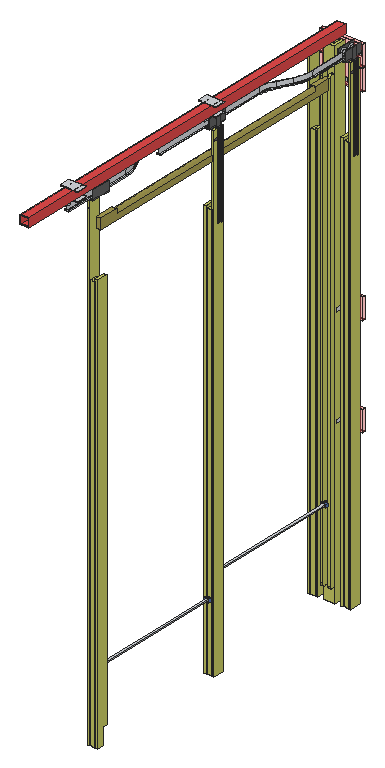
Revit family "Bomsystem2 sammansatt ", category Generic Models, Revit 2017
Family settings
  Can host rebar = No
  Round Connector Dimension = Use Diameter
  Part Type = Normal
  Work Plane-Based = No
  Always vertical = Yes
  Cut with Voids When Loaded = No
  Shared = No
  Room Calculation Point = No
Parameters (values of type "Saxi Bomsystem 3 H")
  to_middle_support = Height / 2  # 3500 mm
  V = no
  URL = "www.saxi.se"
  Model = "Saxi Bomsystem 1"
  Manufacturer = "Saxi Vägg AB"
  Height_stolpe2 = Height - 1200 mm  # 5800 mm
  Height_stolpe = Height - 60 mm  # 6940 mm
  Height = 7000 mm
  H = yes
  2 = no
Types (5, lengths in mm): name | V | H | 2
  (no name) | no | yes | no
  Saxi Bomsystem 3 V | yes | no | no
  Saxi Bomsystem 3 H | no | yes | no
  Saxi Bomsystem 4 V | yes | no | yes
  Saxi Bomsystem 4 H | no | yes | yes
Reference planes
  plane 1 "Center (Front/Back)": y = 0
  plane 2: z = 0
  plane 3 "Center (Left/Right)": x = 0
Dimensions and locks
  nested 4 to plane 1 "Center (Front/Back)" = 40 mm
  nested 2 to plane 1 "Center (Front/Back)" = 2175 mm
  nested 2 to nested 3 = 2400 mm
  nested 5 to nested 4 = 4276 mm
  locked: nested 7 to nested 1 at 600
  locked: nested 10 to nested 1 at 900
  locked: nested 11 to nested 1 at 167.083
  locked: nested 12 to nested 1 at 167.083
  locked: nested 13 to nested 1 at 167.083
  locked: nested 14 to nested 1 at 167.083
  locked: nested 15 to nested 1 at 135.037
  locked: level to nested 19 at 2100
  "to_middle_support": level to nested 20
  nested 21 to plane 1 "Center (Front/Back)" = 20.75 mm
  locked: nested 20 to nested 22 at 127.5
  locked: nested 23 to nested 1 at 135
  locked: nested 24 to nested 1 at 135
  locked: nested 1 to nested 25 at 135
  locked: nested 26 to nested 1 at 135
  locked: nested 29 to nested 1 at 167
  locked: nested 30 to nested 1 at 167
  aligned and locked: level to plane 2
  aligned and locked: nested 3 to nested 1
  aligned and locked: nested 2 to nested 1
  aligned and locked: nested 16 to nested 15
  aligned and locked: nested 17 to nested 4
  aligned and locked: nested 18 to nested 17
Nested families
  nested 1: "takbalk" at (-60, 0, 7000), built-in parameter 1001364 <- "Height", type "takbalk"
    with beam_length 5500 mm
  nested 2: "takskena_klam" at (0, -2125, 6925), type "takskena_klam"
  nested 3: "takskena_klam" at (0, -4525, 6925), type "takskena_klam"
  nested 4: "vagg_stolpe" at (0, -40, 0), type "vagg_stolpe"
    with height_stolpe1 6940 mm
  nested 5: "utkor_stolpe" at (0, -4316, 0) x (-1, 0, 0) z (0, 0, 1), visible <- "H", type "utkor_stolpe"
    with height_stolpe1 5800 mm
  nested 6: "utkor_stolpe" at (-226.031, -210, 0) x (-1, 0, 0) z (0, 0, 1), type "utkor_stolpe"
    with height_stolpe1 5800 mm
  nested 7: "bom" at (0, -217.5, 6400), type "bom"
  nested 8: "utkor_stolpe" at (226.031, -195, 0), type "utkor_stolpe"
    with height_stolpe1 5800 mm
  nested 9: "utkor_stolpe" at (0, -4316, 0), visible <- "V", type "utkor_stolpe"
    with height_stolpe1 5800 mm
  nested 10: "bom" at (0, -217.5, 6100), visible <- "2", type "bom"
  nested 11: "vagn_sammansatt" at (0, -4244.666, 6902.5), visible <- "H", type "vagn_sammansatt"
  nested 12: "vagn_sammansatt" at (-226.333, -137.387, 6902.5), visible <- "V", type "vagn_sammansatt"
  nested 13: "vagn_sammansatt" at (226.333, -137.387, 6902.5) x (-1, 0, 0) z (0, 0, 1), visible <- "H", type "vagn_sammansatt"
  nested 14: "vagn_sammansatt" at (0, -4244.666, 6902.5) x (-1, 0, 0) z (0, 0, 1), visible <- "V", type "vagn_sammansatt"
  nested 15: "takskena_inf" at (-294.138, 0, 6804.963), visible <- "V", type "takskena_inf"
  nested 16: "takskena_inf" at (294.138, 0, 6804.963) x (-1, 0, 0) z (0, 0, 1), visible <- "H", type "takskena_inf"
  nested 17: "vagg_inf_BE" at (0, 50, 6640), type "vagg_inf_BE"
  nested 18: "vagg_inf_BE" at (0, 50, 6340), type "vagg_inf_BE"
  nested 19: "vagg_inf_BE" at (0, 50, 2100), type "vagg_inf_BE"
  nested 20: "vagg_inf_BE" at (0, 50, 3500), type "vagg_inf_BE"
  nested 21: "skruvinf_vagg" at (83.125, -181.75, 2237.5) x (0, -1, 0) z (0, 0, 1), type "skruvinf_vagg"
  nested 22: "skruvinf_vagg" at (83.125, -181.75, 3627.5) x (0, -1, 0) z (0, 0, 1), type "skruvinf_vagg"
  nested 23: "takskena lang" at (-226.25, 0, 6865), visible <- "H", type "takskena lang"
  nested 24: "takskena - kort" at (-226.25, -280, 6865), visible <- "V", type "takskena - kort"
  nested 25: "takskena - kort" at (226.25, -280, 6865) x (-1, 0, 0) z (0, 0, 1), visible <- "H", type "takskena - kort"
  nested 26: "takskena lang" at (226.25, 0, 6865) x (-1, 0, 0) z (0, 0, 1), visible <- "V", type "takskena lang"
  nested 27: "utkor_stolpe" at (0, -2293, 0), visible <- "H", type "utkor_stolpe"
    with height_stolpe1 5800 mm
  nested 28: "utkor_stolpe" at (-8, -2293, 0) x (-1, 0, 0) z (0, 0, 1), visible <- "V", type "utkor_stolpe"
    with height_stolpe1 5800 mm
  nested 29: "vagn_sammansatt" at (0, -2220.114, 6902.583) x (-1, 0, 0) z (0, 0, 1), visible <- "H", type "vagn_sammansatt"
  nested 30: "vagn_sammansatt" at (-8.125, -2220.114, 6902.583), visible <- "V", type "vagn_sammansatt"
  nested 31: "stålräck" at (0, -1205, 1239.216), type "stålräck"
  nested 32: "stålräck" at (0, -3229.592, 950.612), type "stålräck"
Definition of nested family "takbalk"
  Parameters (values of type "takbalk")
    beam_length = 4000 mm
  Reference planes
    plane 1 "Center (Front/Back)": y = 0
    plane 2: z = 0
    plane 3 "Center (Left/Right)": x = 0
  Forms (mm)
    Extrusion 1, solid
      sketch origin (0, 0, 0) x (1, 0, 0) y (0, 0, 1)
        loop
          line (0, 0) -> (120, 0) -> (120, 120) -> (0, 120) -> (0, 0)
        loop
          line (4, 116) -> (4, 4) -> (116, 4) -> (116, 116) -> (4, 116)
      from 0 to 4000 <- "beam_length"
  Dimensions and locks
    aligned and locked: level to plane 2
Definition of nested family "takskena_klam"
  Reference planes
    plane 1 "Center (Front/Back)": y = 0
    plane 2: z = 0
    plane 3 "Center (Left/Right)": x = 0
    plane 4 "ovan": z = 195
  Forms (mm)
    Extrusion 1, solid
      sketch origin (0, 0, 0) x (1, 0, 0) y (0, 0, 1)
        loop
          line (-25, 70) -> (-25, 60) -> (25, 60) -> (25, 70) -> (-25, 70)
      from 0 to 250
    Extrusion 2, solid
      sketch origin (-21.321, 0, 70) x (1, 0, 0) y (0, 1, 0)
        loop
          arc (-91.679, -50) -> (-98.75, -52.929) -> (-101.679, -60) r 10
          line (-101.679, -60) -> (-101.679, -190)
          arc (-101.679, -190) -> (-98.75, -197.071) -> (-91.679, -200) r 10
          line (-91.679, -200) -> (134.321, -200)
          arc (134.321, -200) -> (141.392, -197.071) -> (144.321, -190) r 10
          line (144.321, -190) -> (144.321, -60)
          arc (144.321, -60) -> (141.392, -52.929) -> (134.321, -50) r 10
          line (134.321, -50) -> (-91.679, -50)
      from 0 to 5
    Extrusion 3, solid
      sketch origin (0, 0, 195) x (-1, 0, 0) y (0, -1, 0)
        loop
          line (-113, 50) -> (113, 50)
          arc (113, 50) -> (120.071, 52.929) -> (123, 60) r 10
          line (123, 60) -> (123, 190)
          arc (123, 190) -> (120.071, 197.071) -> (113, 200) r 10
          line (113, 200) -> (-113, 200)
          arc (-113, 200) -> (-120.071, 197.071) -> (-123, 190) r 10
          line (-123, 190) -> (-123, 60)
          arc (-123, 60) -> (-120.071, 52.929) -> (-113, 50) r 10
      from 0 to 5
    Extrusion 4, solid
      sketch origin (0, 0, 0) x (0, 1, 0) y (0, 0, 1)
        loop
          line (0, 60) -> (-50, 60) -> (-50, 0) -> (0, 0) -> (0, 60)
        loop
          line (-250, 60) -> (-250, 0) -> (-200, 0) -> (-200, 60) -> (-250, 60)
      from -5 to 5
  Dimensions and locks
    Extrusion 1 sketch curve to plane 3 "Center (Left/Right)" = 25 mm
    plane 3 "Center (Left/Right)" to Extrusion 1 sketch curve = 25 mm
    Extrusion 1 sketch curve to Extrusion 1 sketch curve = 10 mm
    locked: Extrusion 1 sketch curve to level at 70
    plane 3 "Center (Left/Right)" to Extrusion 2 sketch curve = 123 mm
    Extrusion 2 sketch curve to plane 3 "Center (Left/Right)" = 123 mm
    locked: Extrusion 2 sketch curve to Extrusion 2 sketch curve at 150
    Extrusion 2 sketch curve to plane 1 "Center (Front/Back)" = 50 mm
    Extrusion 1 to Extrusion 2 sketch curve = 50 mm
    plane 4 "ovan" to Extrusion 2 = 120 mm
    aligned and locked: level to plane 2
Definition of nested family "vagg_stolpe"
  Parameters (values of type "vagg_stolpe")
    height_stolpe1 = 8000 mm
  Reference planes
    plane 1 "Center (Front/Back)": y = 0
    plane 2: z = 0
    plane 3 "Center (Left/Right)": x = 0
    plane 4: z = 8000
    plane 5 "a": x = -37.5
  Forms (mm)
    Extrusion 1, solid
      sketch origin (0, 0, 0) x (1, 0, 0) y (0, 1, 0)
        loop
          line (-77.5, 0) -> (-77.5, -160) -> (77.5, -160) -> (77.5, 0) -> (-77.5, 0)
        loop
          line (-45.5, -128) -> (45.5, -128) -> (45.5, -32) -> (-45.5, -32) -> (-45.5, -128)
      from 0 to 8000
    Extrusion 2, solid
      sketch origin (-37.5, 0, 0) x (0, 1, 0) y (0, 0, 1)
        loop
          line (-160, 200) -> (-160, 7650) -> (-195, 7650)
          arc (-195, 7650) -> (-219.749, 7639.749) -> (-230, 7615) r 35
          line (-230, 7615) -> (-230, 235)
          arc (-230, 235) -> (-219.749, 210.251) -> (-195, 200) r 35
          line (-195, 200) -> (-160, 200)
      from -32 to 0
    Extrusion 3, solid
      sketch origin (37.5, 0, 0) x (0, 1, 0) y (0, 0, -1)
        loop
          line (-160, -200) -> (-195, -200)
          arc (-195, -200) -> (-219.749, -210.251) -> (-230, -235) r 35
          line (-230, -235) -> (-230, -7615)
          arc (-230, -7615) -> (-219.749, -7639.749) -> (-195, -7650) r 35
          line (-195, -7650) -> (-160, -7650) -> (-160, -200)
      from -32 to 0
  Dimensions and locks
    plane 3 "Center (Left/Right)" to Extrusion 1 sketch curve = 77.5 mm
    Extrusion 1 sketch curve to plane 3 "Center (Left/Right)" = 77.5 mm
    locked: Extrusion 1 sketch curve to Extrusion 1 sketch curve at 160
    "height_stolpe1": plane 4 to level
    plane 5 "a" to plane 3 "Center (Left/Right)" = 37.5 mm
    level to Extrusion 2 sketch curve = 200 mm
    locked: plane 4 to Extrusion 2 sketch curve at 350
    aligned and locked: level to plane 2
    aligned and locked: plane 4 to Extrusion 1
  Automatic sketch dimensions
    plane 1 "Center (Front/Back)" to Extrusion 1 sketch curve = 0 mm
    Extrusion 1 sketch curve to plane 5 "a" = 8 mm
    Extrusion 1 sketch curve to Extrusion 1 sketch curve = 32 mm  (x2)
    plane 1 "Center (Front/Back)" to Extrusion 1 sketch curve = 32 mm
    plane 1 "Center (Front/Back)" to Extrusion 2 sketch curve = 230 mm
    Extrusion 2 sketch curve to Extrusion 2 sketch curve = 35 mm  (x3)
    plane 1 "Center (Front/Back)" to Extrusion 3 sketch curve = 230 mm
    Extrusion 3 sketch curve to Extrusion 3 sketch curve = 35 mm  (x3)
    Extrusion 3 sketch curve to plane 4 = 350 mm
    level to Extrusion 3 sketch curve = 235 mm
Definition of nested family "utkor_stolpe"
  Parameters (values of type "utkor_stolpe")
    height_stolpe1 = 8000 mm
  Reference planes
    plane 1 "Center (Front/Back)": y = 0
    plane 2: z = 0
    plane 3 "Center (Left/Right)": x = 0
    plane 4: z = 8000
    plane 5 "a": x = -37.5
  Forms (mm)
    Extrusion 1, solid
      sketch origin (0, 0, 0) x (1, 0, 0) y (0, 1, 0)
        loop
          line (-37.5, 0) -> (-37.5, -85) -> (37.5, -85) -> (37.5, 0) -> (-37.5, 0)
      from 0 to 8000
    Extrusion 2, solid
      sketch origin (-37.5, 0, 0) x (0, 1, 0) y (0, 0, 1)
        loop
          line (0, 0) -> (0, 8030) -> (-155, 8030) -> (-155, 0) -> (0, 0)
      from -32 to 0
    Extrusion 3, void
      sketch origin (0, 0, 0) x (0, 1, 0) y (0, 0, 1)
        loop
          line (-203.085, 0) -> (-85, 0) -> (-85, 230) -> (-203.085, 230) -> (-203.085, 0)
      from -100 to 100
    Extrusion 4, solid
      sketch origin (37.5, 0, 0) x (0, -1, 0) y (0, 0, -1)
        loop
          line (0, 0) -> (0, -9000) -> (155, -9000) -> (155, 0) -> (0, 0)
      from 0 to 32
  Cuts and joins
    Extrusion 3 cuts Extrusion 1
    Extrusion 3 cuts Extrusion 2
  Dimensions and locks
    "height_stolpe1": plane 4 to level
    plane 5 "a" to plane 3 "Center (Left/Right)" = 37.5 mm
    plane 3 "Center (Left/Right)" to Extrusion 1 sketch curve = 37.5 mm
    Extrusion 1 sketch curve to plane 3 "Center (Left/Right)" = 37.5 mm
    Extrusion 1 sketch curve to Extrusion 1 sketch curve = 85 mm
    locked: Extrusion 2 sketch curve to plane 4 at 30
    Extrusion 3 sketch curve to Extrusion 3 sketch curve = 230 mm
    locked: Extrusion 4 sketch curve to plane 4 at 1000
    aligned and locked: level to plane 2
    aligned and locked: plane 4 to Extrusion 1
  Automatic sketch dimensions
    plane 1 "Center (Front/Back)" to Extrusion 1 sketch curve = 0 mm
    Extrusion 2 sketch curve to plane 1 "Center (Front/Back)" = 0 mm
    plane 1 "Center (Front/Back)" to Extrusion 2 sketch curve = 155 mm
    level to Extrusion 2 sketch curve = 0 mm
    Extrusion 3 sketch curve to level = 0 mm
    plane 1 "Center (Front/Back)" to Extrusion 3 sketch curve = 203.085 mm
    plane 1 "Center (Front/Back)" to Extrusion 3 sketch curve = 85 mm
    Extrusion 4 sketch curve to Extrusion 1 = 0 mm  (x2)
    Extrusion 4 sketch curve to Extrusion 1 = 70 mm
Definition of nested family "bom"
  Reference planes
    plane 1 "Center (Front/Back)": y = 0
    plane 2: z = 0
    plane 3 "Center (Left/Right)": x = 0
    plane 4 "a": y = -260
  Forms (mm)
    Extrusion 1, solid
      sketch origin (0, 0, 0) x (0, 1, 0) y (0, 0, 1)
        loop
          line (0, 0) -> (0, 140) -> (-4000, 140) -> (-4000, 0) -> (0, 0)
      from -32.5 to 32.5
    Extrusion 2, void
      sketch origin (0, -260, 0) x (0, 0, 1) y (-1, 0, 0)
        loop
          arc (137.602, 4.06) -> (140, 0) -> (137.602, -4.06) r 4.637
          arc (137.602, -4.06) -> (88.612, -28.84) -> (34.931, -40.341) r 214.033
          line (34.931, -40.341) -> (34.931, -90.341) -> (164.931, -90.341) -> (164.931, 71.133) -> (34.931, 66.593) -> (34.931, 40.341)
          arc (34.931, 40.341) -> (88.612, 28.84) -> (137.602, 4.06) r 214.033
      from 0 to 3458
  Cuts and joins
    Extrusion 2 cuts Extrusion 1
  Dimensions and locks
    aligned and locked: level to plane 2
Definition of nested family "vagn_sammansatt"
  Reference planes
    plane 1 "Center (Front/Back)": y = 0
    plane 2: z = 0
    plane 3 "Center (Left/Right)": x = 0
    plane 4 "a": z = -79.747
  Forms (mm)
    Extrusion 1, solid
      sketch origin (-44, -66.5, 0) x (0, 1, 0) y (0, 0, -1)
        loop
          line (203.331, -65.253) -> (203.331, 61.583) -> (-61.669, 61.583) -> (-61.669, -65.253) -> (203.331, -65.253)
      from 1 to 9
    Extrusion 2, solid
      sketch origin (44, -66.5, 0) x (0, 1, 0) y (0, 0, 1)
        loop
          line (203.331, 65.253) -> (-61.669, 65.253) -> (-61.669, -61.583) -> (203.331, -61.583) -> (203.331, 65.253)
      from 1 to 9
    Extrusion 3, solid
      sketch origin (-44, -128.169, -61.583) x (1, 0, 0) y (0, -1, 0)
        loop
          line (-9, -265) -> (97, -265) -> (97, -195) -> (-9, -195) -> (-9, -265)
        loop
          line (-9, 0) -> (-9, -81.923) -> (97, -81.923) -> (97, 0) -> (-9, 0)
      from 0 to 8
    Extrusion 4, void
      sketch origin (-53, -66.5, 0) x (0, -1, 0) y (0, 0, -1)
        loop
          circle (-138.662, 0.174) r 10
        loop
          circle (0.088, 0.174) r 10
      from -150 to 150
    Extrusion 5, solid
      sketch origin (-53, -66.5, 0) x (0, 1, 0) y (0, 0, -1)
        loop
          line (95.831, -65.253) -> (95.831, 142.747) -> (45.831, 142.747) -> (45.831, -65.253) -> (95.831, -65.253)
      from 0 to 10
    Extrusion 6, solid
      sketch origin (-6.5, 0, -79.747) x (-1, 0, 0) y (0, -1, 0)
        loop
          line (63, -29.331) -> (88, -29.331) -> (88, -28.331)
          arc (88, -28.331) -> (87.414, -26.917) -> (86, -26.331) r 2
          line (86, -26.331) -> (69, -26.331)
          arc (69, -26.331) -> (66.879, -25.453) -> (66, -23.331) r 3
          line (66, -23.331) -> (66, 14.669)
          arc (66, 14.669) -> (66.879, 16.79) -> (69, 17.669) r 3
          line (69, 17.669) -> (86, 17.669)
          arc (86, 17.669) -> (87.414, 18.255) -> (88, 19.669) r 2
          line (88, 19.669) -> (88, 20.669) -> (63, 20.669) -> (63, -29.331)
      from -1190 to 0
    Extrusion 7, solid
      sketch origin (-69.5, 29.331, -79.747) x (0, -1, 0) y (0, 0, -1)
        loop
          line (50, 125) -> (93, 125) -> (93, 155) -> (50, 155) -> (50, 125)
        loop
          circle (71.169, 139.568) r 5
      from -6 to 0
    Extrusion 8, solid
      sketch origin (-69.5, -20.659, -79.747) x (0, 1, 0) y (0, 0, 1)
        loop
          line (50, -125) -> (50, -155) -> (93, -155) -> (93, -125) -> (50, -125)
        loop
          circle (71.169, -139.568) r 5
      from -6 to 0
  Cuts and joins
    Extrusion 4 cuts Extrusion 1
    Extrusion 4 cuts Extrusion 2
  Dimensions and locks
    locked: plane 3 "Center (Left/Right)" to nested 1 at 17
    locked: plane 3 "Center (Left/Right)" to nested 2 at 17
    locked: nested 2 to nested 1 at 139
    locked: nested 4 to nested 3 at 139
    cut or joined group of Extrusion 1, Extrusion 4 to Extrusion 5 sketch curve = 107.5 mm
    Extrusion 5 sketch curve to cut or joined group of Extrusion 1, Extrusion 4 = 107.5 mm
    locked: Extrusion 5 sketch curve to Extrusion 5 sketch curve at 50
    Extrusion 5 to plane 4 "a" = 145 mm
    Extrusion 6 to Extrusion 5 = 6.5 mm
    Extrusion 6 to Extrusion 7 sketch curve = 125 mm
    aligned and locked: level to plane 2
  Nested families
    nested 1: "hjul" at (17, 72.5, 0), type "hjul"
    nested 2: "hjul" at (17, -66.5, 0), type "hjul"
    nested 3: "hjul" at (-17, 72.5, 0) x (-1, 0, 0) z (0, 0, 1), type "hjul"
    nested 4: "hjul" at (-17, -66.5, 0) x (-1, 0, 0) z (0, 0, 1), type "hjul"
  Definition of nested family "hjul"
    Reference planes
      plane 1 "Center (Front/Back)": y = 0
      plane 2: z = 0
      plane 3 "Center (Left/Right)": x = 0
    Forms (mm)
      Revolve 1, solid
        sketch origin (0, 0, 0) x (1, 0, 0) y (0, 1, 0)
          loop
            line (0, 30) -> (0, 0) -> (27, 0) -> (27, 50) -> (18, 50) -> (18, 30) -> (0, 30)
          axis (0, 0) -> (27, 0)
        angle from 0 to 360
    Dimensions and locks
      Revolve 1 sketch curve to Revolve 1 sketch curve = 30 mm
      aligned and locked: level to plane 2
Definition of nested family "takskena_inf"
  Reference planes
    plane 1 "Center (Front/Back)": y = 0
    plane 2: z = 0
    plane 3 "Center (Left/Right)": x = 0
  Forms (mm)
    Extrusion 1, solid
      sketch origin (0, 0, 0) x (1, 0, 0) y (0, 0, 1)
        loop
          line (0, 0) -> (246, 0) -> (246, -390) -> (346, -390) -> (346, 60) -> (0, 60) -> (0, 0)
        loop
          circle (296, -255) r 6.5
        loop
          circle (296, -60) r 6.5
        loop
          circle (180, 30) r 6.5
      from 0 to 8
    Extrusion 2, solid
      sketch origin (0, -8, 0) x (1, 0, 0) y (0, 0, 1)
        loop
          line (153.5, -380) -> (438.5, -380) -> (438.5, -340) -> (153.5, -340) -> (153.5, -380)
        loop
          circle (178.5, -360.206) r 6.5
        loop
          circle (413.5, -360.206) r 6.5
      from 0 to 8
  Dimensions and locks
    Extrusion 1 sketch curve to Extrusion 1 sketch curve = 135 mm
    Extrusion 1 sketch curve to Extrusion 1 sketch curve = 50 mm
    Extrusion 1 sketch curve to Extrusion 1 sketch curve = 180 mm
    Extrusion 1 sketch curve to Extrusion 1 sketch curve = 30 mm
    locked: Extrusion 2 sketch curve to Extrusion 2 sketch curve at 285
    Extrusion 2 sketch curve to Extrusion 1 = 92.5 mm  (x2)
    Extrusion 2 sketch curve to Extrusion 1 = 10 mm
    locked: Extrusion 2 sketch curve to Extrusion 2 sketch curve at 40
    Extrusion 2 sketch curve to Extrusion 2 sketch curve = 25 mm  (x2)
    aligned and locked: level to plane 2
Definition of nested family "vagg_inf_BE"
  Reference planes
    plane 1 "Center (Front/Back)": y = 0
    plane 2: z = 0
    plane 3 "Center (Left/Right)": x = 0
  Forms (mm)
    Extrusion 1, solid
      sketch origin (0, 0, 0) x (1, 0, 0) y (0, 0, 1)
        loop
          line (-300, 0) -> (300, 0) -> (300, 300) -> (-300, 300) -> (-300, 0)
      from 0 to 50
  Dimensions and locks
    Extrusion 1 sketch curve to plane 3 "Center (Left/Right)" to Extrusion 1 sketch curve = 300 mm, 300 mm
    Extrusion 1 sketch curve to Extrusion 1 sketch curve = 300 mm
    aligned and locked: level to plane 2
Definition of nested family "skruvinf_vagg"
  Reference planes
    plane 1 "Center (Front/Back)": y = 0
    plane 2: z = 0
    plane 3 "Center (Left/Right)": x = 0
    plane 4 "a": x = -120
  Forms (mm)
    Extrusion 1, solid
      sketch origin (0, 0, 0) x (1, 0, 0) y (0, 1, 0)
        loop
          line (0, 0) -> (-150, 0)
          arc (-150, 0) -> (-157.778, -3.222) -> (-161, -11) r 11
          line (-161, -11) -> (-161, -156)
          arc (-161, -156) -> (-157.778, -163.778) -> (-150, -167) r 11
          line (-150, -167) -> (0, -167) -> (0, -161) -> (-150, -161)
          arc (-150, -161) -> (-153.536, -159.536) -> (-155, -156) r 5
          line (-155, -156) -> (-155, -11)
          arc (-155, -11) -> (-153.536, -7.464) -> (-150, -6) r 5
          line (-150, -6) -> (0, -6) -> (0, 0)
      from 0 to 40
    Extrusion 2, void
      sketch origin (0, 0, 0) x (1, 0, 0) y (0, 0, 1)
        loop
          circle (-13.096, 20.402) r 3
      from -10 to 200
    Extrusion 3, solid
      sketch origin (-120, 0, 0) x (0, 0, 1) y (0, -1, 0)
        loop
          line (40, 0) -> (0, 0) -> (0, -55) -> (40, -55) -> (40, 0)
        loop
          line (0, 167) -> (40, 167) -> (40, 222) -> (0, 222) -> (0, 167)
        loop
          circle (20.26, 206) r 6.5
        loop
          circle (20.784, -38.823) r 6.5
      from 0 to 6
  Cuts and joins
    Extrusion 2 cuts Extrusion 1
  Dimensions and locks
    Extrusion 3 sketch curve to Extrusion 3 sketch curve = 16.177 mm
    Extrusion 3 sketch curve to Extrusion 3 sketch curve = 16 mm
    aligned and locked: level to plane 2
Definition of nested family "takskena lang"
  Reference planes
    plane 1 "Center (Front/Back)": y = 0
    plane 2: z = 0
    plane 3 "Center (Left/Right)": x = 0
  Forms (mm)
    Sweep 1, solid
      path origin (0, 0, 0) x (1, 0, 0) y (0, 1, 0)
        loop
          line (0, 0) -> (0, -3083.235)
          arc (0, -3083.235) -> (16.563, -3213.433) -> (65.198, -3335.336) r 520
          line (65.198, -3335.336) -> (167.071, -3519.121)
          arc (167.071, -3519.121) -> (211.029, -3629.303) -> (226, -3746.981) r 470
          line (226, -3746.981) -> (226, -4761.981)
      profile origin (0, -1541.618, 0) x (1, 0, 0) y (0, 0, 1)
        loop
          line (0, 0) -> (30, 0) -> (30, 5)
          arc (30, 5) -> (29.414, 6.414) -> (28, 7) r 2
          line (28, 7) -> (6.5, 7)
          arc (6.5, 7) -> (4.379, 7.879) -> (3.5, 10) r 3
          line (3.5, 10) -> (3.5, 70) -> (0, 70) -> (-3.5, 70) -> (-3.5, 10)
          arc (-3.5, 10) -> (-4.379, 7.879) -> (-6.5, 7) r 3
          line (-6.5, 7) -> (-28, 7)
          arc (-28, 7) -> (-29.414, 6.414) -> (-30, 5) r 2
          line (-30, 5) -> (-30, 0) -> (0, 0)
  Dimensions and locks
    Sweep 1 sketch curve to plane 1 "Center (Front/Back)" = 3746.981 mm
    Sweep 1 sketch curve to Sweep 1 sketch curve = 1015 mm
    angle plane 3 "Center (Left/Right)" to Sweep 1 sketch curve = 29.00°
    aligned and locked: level to plane 2
Definition of nested family "takskena - kort"
  Reference planes
    plane 1 "Center (Front/Back)": y = 0
    plane 2: z = 0
    plane 3 "Center (Left/Right)": x = 0
  Forms (mm)
    Sweep 1, solid
      path origin (0, 0, 0) x (1, 0, 0) y (0, 1, 0)
        loop
          line (0, 0) -> (0, -498.235)
          arc (0, -498.235) -> (16.563, -628.433) -> (65.198, -750.336) r 520
          line (65.198, -750.336) -> (167.071, -934.121)
          arc (167.071, -934.121) -> (211.029, -1044.303) -> (226, -1161.981) r 470
          line (226, -1161.981) -> (226, -2887.981)
      profile origin (0, -249.118, 0) x (1, 0, 0) y (0, 0, 1)
        loop
          line (0, 0) -> (30, 0) -> (30, 5)
          arc (30, 5) -> (29.414, 6.414) -> (28, 7) r 2
          line (28, 7) -> (6.5, 7)
          arc (6.5, 7) -> (4.379, 7.879) -> (3.5, 10) r 3
          line (3.5, 10) -> (3.5, 70) -> (0, 70) -> (-3.5, 70) -> (-3.5, 10)
          arc (-3.5, 10) -> (-4.379, 7.879) -> (-6.5, 7) r 3
          line (-6.5, 7) -> (-28, 7)
          arc (-28, 7) -> (-29.414, 6.414) -> (-30, 5) r 2
          line (-30, 5) -> (-30, 0) -> (0, 0)
  Dimensions and locks
    Sweep 1 sketch curve to plane 1 "Center (Front/Back)" = 1161.981 mm
    Sweep 1 sketch curve to Sweep 1 sketch curve = 1726 mm
    angle plane 3 "Center (Left/Right)" to Sweep 1 sketch curve = 29.00°
    aligned and locked: level to plane 2
Definition of nested family "stålräck"
  Reference planes
    plane 1 "Center (Front/Back)": y = 0
    plane 2: z = 0
    plane 3 "Center (Left/Right)": x = 0
  Forms (mm)
    Extrusion 1, solid
      sketch origin (0, 0, 0) x (1, 0, 0) y (0, 0, 1)
        loop
          circle (0, 0) r 14
      from -900 to 900
    Extrusion 2, solid
      sketch origin (0, 0, 0) x (0, 1, 0) y (0, 0, 1)
        loop
          line (-896.25, 22) -> (-939.717, 24.24)
          arc (-939.717, 24.24) -> (-965.274, 0.017) -> (-939.75, -24.242) r 24.274
          line (-939.75, -24.242) -> (-896.25, -22) -> (-896.25, 22)
        loop
          circle (-941, 0) r 7
      from -35 to 35
    Extrusion 3, solid
      sketch origin (0, 0, 0) x (0, -1, 0) y (0, 0, -1)
        loop
          line (-896.25, -22) -> (-896.25, 22) -> (-939.75, 24.242)
          arc (-939.75, 24.242) -> (-965.274, -0.017) -> (-939.717, -24.24) r 24.274
          line (-939.717, -24.24) -> (-896.25, -22)
        loop
          circle (-941, 0) r 7
      from -35 to 35
  Dimensions and locks
    plane 1 "Center (Front/Back)" to Extrusion 2 sketch curve = 941 mm
    Extrusion 2 sketch curve to level = 22 mm
    locked: level to Extrusion 2 sketch curve at 22
    aligned and locked: level to plane 2
